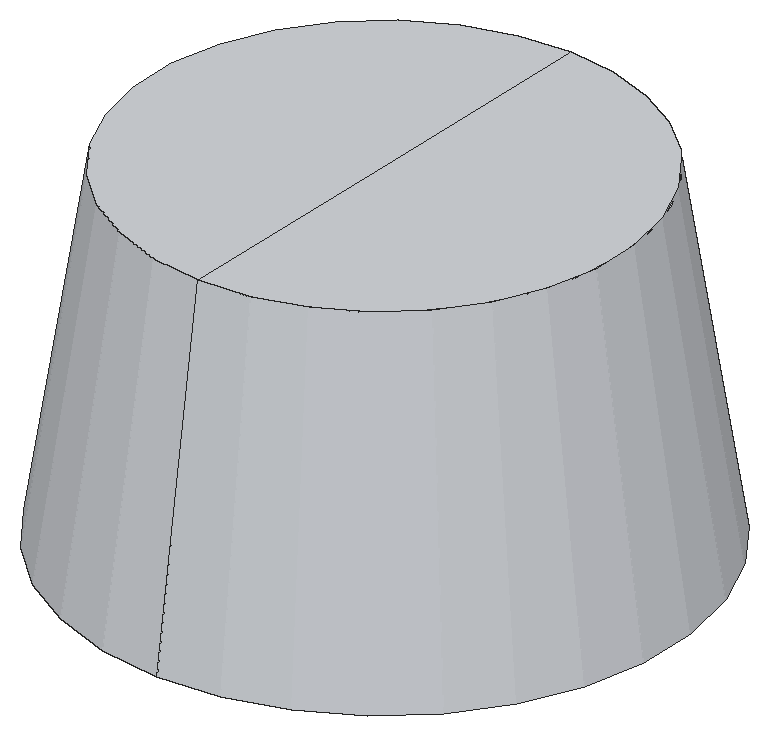
Revit family "E_FF120 Loft Cover", category Specialty Equipment, Revit 2015
Parameters (values of type "160x274mm")
  Youtube Clip = ""
  Wall Thickness = 10 mm
  URL = "https://www.tenmat.com/passive-fire-protection/"
  Top Radius = 112 mm
  Tenmat Item Number = "I120MC01200274016201"
  Radius = 137 mm
  Performance = "BS EN 1366-3:2009 & BS 476, ETA-12/0332, 1224-CPR-0341, CE Marked"
  Material/Grade = "Firefly 120"
  Manufacturer = "Tenmat ltd"
  IFC Classification = "Building Element Proxy"
  Description = "Firefly 120 Loft Cover"
  Height = 160 mm
Reference planes
  plane 1 "Center (Front/Back)": y = 0
  plane 2: z = 0
  plane 3 "Center (Left/Right)": x = 0
  plane 4: z = 10
  plane 5: y = -127
  plane 6: y = -137
  plane 7: z = 278
  plane 8: z = 160
  plane 9: y = -112
Forms (mm)
  Revolve 1, solid
    sketch origin (0, 0, 0) x (0, 1, 0) y (0, 0, 1)
      loop
        line (-126.879, 0) -> (-103.441, 150) -> (0, 150) -> (0, 160) -> (-112, 160) -> (-137, 0) -> (-126.879, 0)
      axis (0, 160) -> (0, 0)
    angle from 0 to 360
Dimensions and locks
  "Wall Thickness": plane 5 to plane 6
  "Height": plane 8 to plane 2
  "Radius": plane 1 "Center (Front/Back)" to plane 6
  "Top Radius": plane 1 "Center (Front/Back)" to plane 9
  aligned and locked: level to plane 2
  aligned and locked: Revolve 1 sketch curve to plane 1 "Center (Front/Back)"
  aligned and locked: Revolve 1 sketch curve to plane 8
  aligned and locked: plane 9 to Revolve 1 sketch curve
  aligned and locked: plane 6 to Revolve 1 sketch curve
Automatic sketch dimensions
  Revolve 1 sketch curve to level = 0 mm
  Revolve 1 sketch curve to plane 1 "Center (Front/Back)" = 0 mm
  plane 5 to Revolve 1 sketch curve = 0.121 mm
  plane 9 to Revolve 1 sketch curve = 8.559 mm
  Revolve 1 sketch curve to Revolve 1 sketch curve = 10 mm
  plane 4 to Revolve 1 sketch curve = 12.81 mm
  Revolve 1 sketch curve to plane 7 = 7.21 mm
